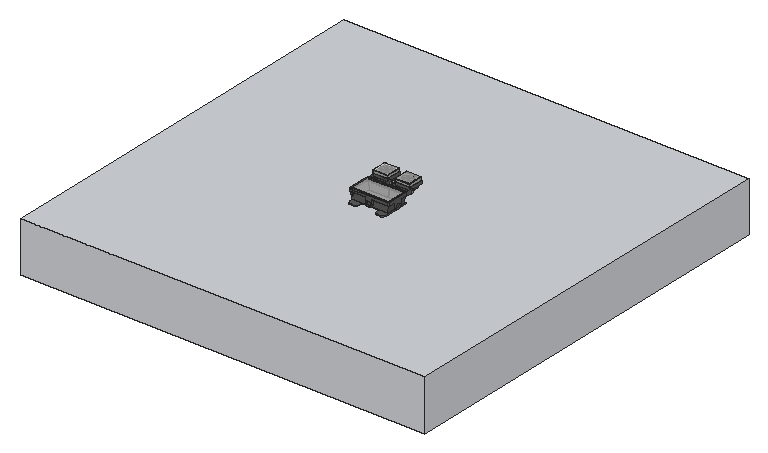
Revit family "Legrand Emergency Lighting_BAP-SPOTLIGHT", category Luminaires, Revit 2021
Family settings
  Hôte = Face
  Cote de connecteur circulaire = Utiliser le diamètre
  Type d'élément = Normal
  Couper avec des vides une fois chargée = Non
  Source d'éclairage = Non
  Partagée = Non
  Repere pour localisation dans la piece = Non
Parameters (values of type "Spotlight Adressable 2500 lm 1H")
  terminal capacity = "1,5-2,5 mm2"
  light source = "LED not exchangeable"
  battery status = "Lithium-ion"
  Width = 240 mm
  Weight = ""
  Useful luminous flux = 2500 lm
  URL = "https://www.legrand.fr/reference/662463/pro"
  System power = 0.9 W
  Switching type = "Non permanent"
  Standby consumption = 0 A
  Spare battery = "2 x 660977"
  Reference = "662463"
  Protection class = "II"
  Product Description = "TWIN LEDS SPOTLIGHT EMERGENCY LIGHTING UNIT NON MAINTAINED 2500LM 1H ADRESSABLE"
  Power supply = "230 VAC"
  Pictogram type = "other"
  Operating temperature MIN-MAX = "0°C +35°C"
  Material = "Plastic"
  Long = 285.5 mm
  Length = 285.5 mm
  Large = 240 mm
  Installation method = "Surface mounting (wall)"
  IP = "65"
  IK = "07"
  Height = 93.5 mm
  General Conditions of Use = "https://export.legrand.com/en/terms-of-use-BIM-objects"
  Function = "Escape and mood lighting"
  Frequency = "50/60 Hz"
  Fabricant = "Legrand"
  Emergency power supply = "Autonomous (individual battery)"
  Elévation par défaut = 2300 mm
  ETIM Class = "EC001957-Emergency luminaire"
  EAN Code = "3414972656085"
  Control system = "Autotest Automatic"
  Connection type = "other"
  Connected Object = no
  Color = "Black"
  Autonomy = "1 H"
  Addressable = yes
  2 phares 2500lm = yes
  2 phares 1500lm = no
  1 phare 1000lm = no
Types (9, lengths in mm): name | Width | Useful luminous flux | URL | System power | Spare battery | Reference | Product Description | Long | Length | Large | EAN Code | Control system | Autonomy | Addressable | 2 phares 2500lm | 2 phares 1500lm | 1 phare 1000lm
  (no name) | 240 | 2500 lm | "https://www.legrand.fr/reference/662463/pro" | 0.9 W | "2 x 660977" | "662463" | "TWIN LEDS SPOTLIGHT EMERGENCY LIGHTING UNIT NON MAINTAINED 2500LM 1H ADRESSABLE" | 285.5 | 285.5 | 240 | "3414972656085" | "Autotest Automatic" | "1 H" | yes | yes | no | no
  Spotlight Autotest 2500 lm 1H | 240 | 2500 lm | "https://www.legrand.fr/reference/660463/pro" | 0.9 W | "2 x 660977" | "660463" | "TWIN LEDS SPOTLIGHT EMERGENCY LIGHTING UNIT NON MAINTAINED 2500LM 1H AUTOTEST" | 285.5 | 285.5 | 240 | "3414972656030" | "Autotest Automatic" | "1 H" | no | yes | no | no
  Spotlight Autotest 1000 lm 1H | 137 | 1000 lm | "https://www.legrand.fr/reference/660460/pro" | 0.7 W | "660976" | "660460" | "SPOTLIGHT EMERGENCY LIGHTING UNIT NON MAINTAINED 1000LM 1H AUTOTEST" | 408.5 | 408.5 | 137 | "3414972656016" | "Autotest Automatic" | "1 H" | no | no | no | yes
  Spotlight Autotest 1500 lm 1H | 240 | 1500 lm | "https://www.legrand.fr/reference/660462/pro" | 0.9 W | "1 x 660977" | "660462" | "TWIN LEDS SPOTLIGHT EMERGENCY LIGHTING UNIT NON MAINTAINED 1500LM 1H AUTOTEST" | 285.5 | 285.5 | 240 | "3414972656023" | "Autotest Automatic" | "1 H" | no | no | yes | no
  Spotlight Autotest 1500 lm 2H | 240 | 1500 lm | "https://www.legrand.fr/reference/660465/pro" | 0.9 W | "2 x 660977" | "660465" | "TWIN LEDS SPOTLIGHT EMERGENCY LIGHTING UNIT NON MAINTAINED 1500LM 2H AUTOTEST" | 285.5 | 285.5 | 240 | "3414972656047" | "Autotest Automatic" | "2 H" | no | no | yes | no
  Spotlight Standard 1000 lm 1H | 137 | 1000 lm | "https://www.legrand.fr/reference/661460/pro" | 0.7 W | "660976" | "661460" | "SPOTLIGHT EMERGENCY LIGHTING UNIT NON MAINTAINED 1000LM 1H STANDARD" | 408.5 | 408.5 | 137 | "3414972656054" | "Control key" | "1 H" | no | no | no | yes
  Spotlight Standard 1500 lm 1H | 240 | 1500 lm | "https://www.legrand.fr/reference/661462/pro" | 0.9 W | "660977" | "661462" | "TWIN LEDS SPOTLIGHT EMERGENCY LIGHTING UNIT NON MAINTAINED 1500LM 1H STANDARD" | 285.5 | 285.5 | 240 | "3414972656061" | "Control key" | "1 H" | no | no | yes | no
  Spotlight Standard 2500 lm 1H | 240 | 2500 lm | "https://www.legrand.fr/reference/661463/pro" | 0.9 W | "2 x 660977" | "661463" | "TWIN LEDS SPOTLIGHT EMERGENCY LIGHTING UNIT NON MAINTAINED 2500LM 1H STANDARD" | 285.5 | 285.5 | 240 | "3414972656078" | "Control key" | "1 H" | no | yes | no | no
  Spotlight Adressable 2500 lm 1H | 240 | 2500 lm | "https://www.legrand.fr/reference/662463/pro" | 0.9 W | "2 x 660977" | "662463" | "TWIN LEDS SPOTLIGHT EMERGENCY LIGHTING UNIT NON MAINTAINED 2500LM 1H ADRESSABLE" | 285.5 | 285.5 | 240 | "3414972656085" | "Autotest Automatic" | "1 H" | yes | yes | no | no
Reference planes
  plane 1 "Centre (avant/arrière)": y = 0
  plane 2 "Connecteur": z = 0
  plane 3 "Centre (gauche/droite)": x = 0
  plane 4: y = 142.75
  plane 5: y = -142.75
  plane 6: x = -120
  plane 7: x = 120
Forms (mm)
  Extrusion 1, solid
    sketch origin (0, 0, 0) x (1, 0, 0) y (0, 1, 0)
      loop
        line (-1219.2, 1219.2) -> (-1219.2, -1219.2) -> (1219.2, -1219.2) -> (1219.2, 1219.2) -> (-1219.2, 1219.2)
    from 0 to -304.8
  Extrusion 2, solid, material "LEGRAND - Plastique noir", visible <- "1 phare 1000lm"
    sketch origin (0, 0, 0) x (1, 0, 0) y (0, 1, 0)
      loop
        line (65.058, 89.327) -> (26.827, 89.327) -> (21.015, 115.516) -> (-21.015, 115.516) -> (-26.82, 89.327) -> (-65.058, 89.327) -> (-65.058, 45.28) -> (-58.5, 38.722) -> (-58.5, -23.048) -> (-51.942, -29.606) -> (-51.942, -89.488) -> (-58.5, -96.045) -> (-58.5, -157.983) -> (-65.058, -164.541) -> (-65.058, -194.25)
        arc (-65.058, -194.25) -> (-62.129, -201.321) -> (-55.058, -204.25) r 10
        line (-55.058, -204.25) -> (55.058, -204.25)
        arc (55.058, -204.25) -> (62.129, -201.321) -> (65.058, -194.25) r 10
        line (65.058, -194.25) -> (65.058, -164.541) -> (58.5, -157.983) -> (58.5, -96.045) -> (51.942, -89.488) -> (51.942, -29.606) -> (58.5, -23.048) -> (58.5, 38.722) -> (65.058, 45.28) -> (65.058, 89.327)
    from 0 to 1.498
  Extrusion 3, solid, material "LEGRAND - Plastique noir", visible <- "1 phare 1000lm"
    sketch origin (0, 0, 0) x (0, 1, 0) y (0, 0, 1)
      loop
        line (-89.488, 1.497) -> (-29.605, 1.497) -> (-29.605, 2.894)
        arc (-29.605, 2.894) -> (-30.777, 5.722) -> (-33.605, 6.894) r 4
        line (-33.605, 6.894) -> (-85.488, 6.894)
        arc (-85.488, 6.894) -> (-88.316, 5.722) -> (-89.488, 2.894) r 4
        line (-89.488, 2.894) -> (-89.488, 1.497)
    from -51.942 to -50.4
  Extrusion 4, solid, material "LEGRAND - Plastique noir", visible <- "1 phare 1000lm"
    sketch origin (0, 0, 0) x (0, 1, 0) y (0, 0, -1)
      loop
        line (-89.488, -1.497) -> (-89.488, -2.894)
        arc (-89.488, -2.894) -> (-88.316, -5.722) -> (-85.488, -6.894) r 4
        line (-85.488, -6.894) -> (-33.605, -6.894)
        arc (-33.605, -6.894) -> (-30.777, -5.722) -> (-29.605, -2.894) r 4
        line (-29.605, -2.894) -> (-29.605, -1.497) -> (-89.488, -1.497)
    from -51.942 to -50.4
  Extrusion 5, solid, material "LEGRAND - Plastique noir", visible <- "1 phare 1000lm"
    sketch origin (0, 0, 0) x (1, 0, 0) y (0, 0, 1)
      loop
        line (-65.058, 56.477) -> (-65.058, 0) -> (-39.058, 0) -> (-39.058, 41.496) -> (39.058, 41.496) -> (39.058, 0) -> (65.058, 0) -> (65.058, 56.477)
        arc (65.058, 56.477) -> (62.129, 63.548) -> (55.058, 66.477) r 10
        line (55.058, 66.477) -> (-55.058, 66.477)
        arc (-55.058, 66.477) -> (-62.129, 63.548) -> (-65.058, 56.477) r 10
    from -89.327 to -87.8
  Extrusion 6, solid, material "LEGRAND - Plastique noir 31", visible <- "2 phares 1500lm"
    sketch origin (0, 0, 0) x (1, 0, 0) y (0, 1, 0)
      loop
        arc (-15.001, 53.249) -> (-21.506, 51.504) -> (-26.265, 46.738) r 13
        line (-26.265, 46.738) -> (-40.948, 21.251) -> (-50.001, 21.251) -> (-50.001, 27.827) -> (-110.002, 27.827) -> (-110.002, -120.787) -> (-104.64, -135.514)
        arc (-104.64, -135.514) -> (-100.612, -140.761) -> (-94.304, -142.75) r 11
        line (-94.304, -142.75) -> (-69.705, -142.75)
        arc (-69.705, -142.75) -> (-63.396, -140.76) -> (-59.368, -135.511) r 11
        line (-59.368, -135.511) -> (-47.811, -103.746) -> (47.803, -103.746) -> (59.361, -135.511)
        arc (59.361, -135.511) -> (63.388, -140.76) -> (69.698, -142.75) r 11
        line (69.698, -142.75) -> (94.294, -142.75)
        arc (94.294, -142.75) -> (100.603, -140.761) -> (104.63, -135.514) r 11
        line (104.63, -135.514) -> (110, -120.766) -> (110, 27.827) -> (49.999, 27.827) -> (49.999, 21.251) -> (40.977, 21.251) -> (26.251, 46.75)
        arc (26.251, 46.75) -> (21.492, 51.508) -> (14.993, 53.249) r 13
        line (14.993, 53.249) -> (-15.001, 53.249)
    from 0 to 1.498
  Extrusion 7, solid, material "LEGRAND - Plastique noir 31", visible <- "2 phares 1500lm"
    sketch origin (0, 0, 0) x (1, 0, 0) y (0, 0, 1)
      loop
        line (19, 1.498) -> (19, 3.894)
        arc (19, 3.894) -> (18.121, 6.015) -> (16, 6.894) r 3
        line (16, 6.894) -> (-16, 6.894)
        arc (-16, 6.894) -> (-18.121, 6.015) -> (-19, 3.894) r 3
        line (-19, 3.894) -> (-19, 1.498) -> (19, 1.498)
    from 102.251 to 103.746
  Extrusion 8, solid, material "LEGRAND - Plastique noir 31", visible <- "2 phares 1500lm"
    sketch origin (0, 0, 0) x (1, 0, 0) y (0, 0, 1)
      loop
        line (19, 1.498) -> (19, 3.894)
        arc (19, 3.894) -> (18.121, 6.015) -> (16, 6.894) r 3
        line (16, 6.894) -> (-16, 6.894)
        arc (-16, 6.894) -> (-18.121, 6.015) -> (-19, 3.894) r 3
        line (-19, 3.894) -> (-19, 1.498) -> (19, 1.498)
    from -6.251 to -4.8
  Extrusion 9, solid, material "LEGRAND - Plastique noir 31", visible <- "2 phares 1500lm"
    sketch origin (0, 0, 0) x (1, 0, 0) y (0, 0, 1)
      loop
        line (-110.002, 1.498) -> (-50.001, 1.498) -> (-50.001, 15.498) -> (-59.49, 60.14)
        arc (-59.49, 60.14) -> (-62.28, 64.694) -> (-67.315, 66.477) r 8
        line (-67.315, 66.477) -> (-92.688, 66.477)
        arc (-92.688, 66.477) -> (-97.723, 64.694) -> (-100.513, 60.14) r 8
        line (-100.513, 60.14) -> (-110.002, 15.498) -> (-110.002, 1.498)
      loop
        line (110.002, 1.498) -> (110.002, 15.498) -> (100.513, 60.14)
        arc (100.513, 60.14) -> (97.723, 64.694) -> (92.688, 66.477) r 8
        line (92.688, 66.477) -> (67.315, 66.477)
        arc (67.315, 66.477) -> (62.28, 64.694) -> (59.49, 60.14) r 8
        line (59.49, 60.14) -> (50.001, 15.498) -> (50.001, 1.498) -> (110.002, 1.498)
    from -27.827 to -26.255
  Extrusion 10, solid, material "LEGRAND - Plastique noir 31", visible <- "2 phares 1500lm", not visible
    sketch origin (0, 0, 0) x (1, 0, 0) y (0, 1, 0)
      loop
        arc (-15.001, 53.249) -> (-21.506, 51.504) -> (-26.265, 46.738) r 13
        line (-26.265, 46.738) -> (-40.948, 21.251) -> (-50.001, 21.251) -> (-50.001, 27.827) -> (-110.002, 27.827) -> (-110.002, -120.787) -> (-104.64, -135.514)
        arc (-104.64, -135.514) -> (-100.612, -140.761) -> (-94.304, -142.75) r 11
        line (-94.304, -142.75) -> (-69.705, -142.75)
        arc (-69.705, -142.75) -> (-63.396, -140.76) -> (-59.368, -135.511) r 11
        line (-59.368, -135.511) -> (-47.811, -103.746) -> (47.803, -103.746) -> (59.361, -135.511)
        arc (59.361, -135.511) -> (63.388, -140.76) -> (69.698, -142.75) r 11
        line (69.698, -142.75) -> (94.294, -142.75)
        arc (94.294, -142.75) -> (100.603, -140.761) -> (104.63, -135.514) r 11
        line (104.63, -135.514) -> (110, -120.766) -> (110, 27.827) -> (49.999, 27.827) -> (49.999, 21.251) -> (40.977, 21.251) -> (26.251, 46.75)
        arc (26.251, 46.75) -> (21.492, 51.508) -> (14.993, 53.249) r 13
        line (14.993, 53.249) -> (-15.001, 53.249)
    from 0 to 1.498
  Extrusion 11, solid, material "LEGRAND - Plastique noir 31", visible <- "2 phares 1500lm", not visible
    sketch origin (0, 0, 0) x (1, 0, 0) y (0, 0, 1)
      loop
        line (19, 1.498) -> (19, 3.894)
        arc (19, 3.894) -> (18.121, 6.015) -> (16, 6.894) r 3
        line (16, 6.894) -> (-16, 6.894)
        arc (-16, 6.894) -> (-18.121, 6.015) -> (-19, 3.894) r 3
        line (-19, 3.894) -> (-19, 1.498) -> (19, 1.498)
    from 102.251 to 103.746
  Extrusion 12, solid, material "LEGRAND - Plastique noir 31", visible <- "2 phares 1500lm", not visible
    sketch origin (0, 0, 0) x (1, 0, 0) y (0, 0, 1)
      loop
        line (19, 1.498) -> (19, 3.894)
        arc (19, 3.894) -> (18.121, 6.015) -> (16, 6.894) r 3
        line (16, 6.894) -> (-16, 6.894)
        arc (-16, 6.894) -> (-18.121, 6.015) -> (-19, 3.894) r 3
        line (-19, 3.894) -> (-19, 1.498) -> (19, 1.498)
    from -6.251 to -4.8
  Extrusion 13, solid, material "LEGRAND - Plastique noir 31", visible <- "2 phares 1500lm", not visible
    sketch origin (0, 0, 0) x (1, 0, 0) y (0, 0, 1)
      loop
        line (-110.002, 1.498) -> (-50.001, 1.498) -> (-50.001, 15.498) -> (-59.49, 60.14)
        arc (-59.49, 60.14) -> (-62.28, 64.694) -> (-67.315, 66.477) r 8
        line (-67.315, 66.477) -> (-92.688, 66.477)
        arc (-92.688, 66.477) -> (-97.723, 64.694) -> (-100.513, 60.14) r 8
        line (-100.513, 60.14) -> (-110.002, 15.498) -> (-110.002, 1.498)
      loop
        line (110.002, 1.498) -> (110.002, 15.498) -> (100.513, 60.14)
        arc (100.513, 60.14) -> (97.723, 64.694) -> (92.688, 66.477) r 8
        line (92.688, 66.477) -> (67.315, 66.477)
        arc (67.315, 66.477) -> (62.28, 64.694) -> (59.49, 60.14) r 8
        line (59.49, 60.14) -> (50.001, 15.498) -> (50.001, 1.498) -> (110.002, 1.498)
    from -27.827 to -26.255
  Extrusion 14, solid, material "LEGRAND - Plastique noir", visible <- "1 phare 1000lm", not visible
    sketch origin (0, 0, 0) x (1, 0, 0) y (0, 1, 0)
      loop
        line (65.058, 89.327) -> (26.827, 89.327) -> (21.015, 115.516) -> (-21.015, 115.516) -> (-26.82, 89.327) -> (-65.058, 89.327) -> (-65.058, 45.28) -> (-58.5, 38.722) -> (-58.5, -23.048) -> (-51.942, -29.606) -> (-51.942, -89.488) -> (-58.5, -96.045) -> (-58.5, -157.983) -> (-65.058, -164.541) -> (-65.058, -194.25)
        arc (-65.058, -194.25) -> (-62.129, -201.321) -> (-55.058, -204.25) r 10
        line (-55.058, -204.25) -> (55.058, -204.25)
        arc (55.058, -204.25) -> (62.129, -201.321) -> (65.058, -194.25) r 10
        line (65.058, -194.25) -> (65.058, -164.541) -> (58.5, -157.983) -> (58.5, -96.045) -> (51.942, -89.488) -> (51.942, -29.606) -> (58.5, -23.048) -> (58.5, 38.722) -> (65.058, 45.28) -> (65.058, 89.327)
    from 0 to 1.498
  Extrusion 15, solid, material "LEGRAND - Plastique noir", visible <- "1 phare 1000lm", not visible
    sketch origin (0, 0, 0) x (0, 1, 0) y (0, 0, 1)
      loop
        line (-89.488, 1.497) -> (-29.605, 1.497) -> (-29.605, 2.894)
        arc (-29.605, 2.894) -> (-30.777, 5.722) -> (-33.605, 6.894) r 4
        line (-33.605, 6.894) -> (-85.488, 6.894)
        arc (-85.488, 6.894) -> (-88.316, 5.722) -> (-89.488, 2.894) r 4
        line (-89.488, 2.894) -> (-89.488, 1.497)
    from -51.942 to -50.4
  Extrusion 16, solid, material "LEGRAND - Plastique noir", visible <- "1 phare 1000lm", not visible
    sketch origin (0, 0, 0) x (0, 1, 0) y (0, 0, -1)
      loop
        line (-89.488, -1.497) -> (-89.488, -2.894)
        arc (-89.488, -2.894) -> (-88.316, -5.722) -> (-85.488, -6.894) r 4
        line (-85.488, -6.894) -> (-33.605, -6.894)
        arc (-33.605, -6.894) -> (-30.777, -5.722) -> (-29.605, -2.894) r 4
        line (-29.605, -2.894) -> (-29.605, -1.497) -> (-89.488, -1.497)
    from -51.942 to -50.4
  Extrusion 17, solid, material "LEGRAND - Plastique noir", visible <- "1 phare 1000lm", not visible
    sketch origin (0, 0, 0) x (1, 0, 0) y (0, 0, 1)
      loop
        line (-65.058, 56.477) -> (-65.058, 0) -> (-39.058, 0) -> (-39.058, 41.496) -> (39.058, 41.496) -> (39.058, 0) -> (65.058, 0) -> (65.058, 56.477)
        arc (65.058, 56.477) -> (62.129, 63.548) -> (55.058, 66.477) r 10
        line (55.058, 66.477) -> (-55.058, 66.477)
        arc (-55.058, 66.477) -> (-62.129, 63.548) -> (-65.058, 56.477) r 10
    from -89.327 to -87.8
  Extrusion 18, solid, material "LEGRAND - Plastique noir 31", visible <- "2 phares 2500lm"
    sketch origin (0, 0, 0) x (1, 0, 0) y (0, 1, 0)
      loop
        arc (-15.001, 53.249) -> (-21.506, 51.504) -> (-26.265, 46.738) r 13
        line (-26.265, 46.738) -> (-40.948, 21.251) -> (-50.001, 21.251) -> (-50.001, 27.827) -> (-110.002, 27.827) -> (-110.002, -120.787) -> (-104.64, -135.514)
        arc (-104.64, -135.514) -> (-100.612, -140.761) -> (-94.304, -142.75) r 11
        line (-94.304, -142.75) -> (-69.705, -142.75)
        arc (-69.705, -142.75) -> (-63.396, -140.76) -> (-59.368, -135.511) r 11
        line (-59.368, -135.511) -> (-47.811, -103.746) -> (47.803, -103.746) -> (59.361, -135.511)
        arc (59.361, -135.511) -> (63.388, -140.76) -> (69.698, -142.75) r 11
        line (69.698, -142.75) -> (94.294, -142.75)
        arc (94.294, -142.75) -> (100.603, -140.761) -> (104.63, -135.514) r 11
        line (104.63, -135.514) -> (110, -120.766) -> (110, 27.827) -> (49.999, 27.827) -> (49.999, 21.251) -> (40.977, 21.251) -> (26.251, 46.75)
        arc (26.251, 46.75) -> (21.492, 51.508) -> (14.993, 53.249) r 13
        line (14.993, 53.249) -> (-15.001, 53.249)
    from 0 to 1.498
Cuts and joins
  joined: Extrusion 2, Extrusion 3, Extrusion 4, Extrusion 5
  joined: Extrusion 7, Extrusion 9
Dimensions and locks
  equal spacing: plane 4, plane 1 "Centre (avant/arrière)", plane 5
  "Long": plane 4 to plane 5
  equal spacing: plane 6, plane 3 "Centre (gauche/droite)", plane 7
  "Large": plane 6 to plane 7
  aligned and locked: plane 2 "Connecteur" to Extrusion 1
  aligned and locked: level to Extrusion 1
Automatic sketch dimensions
  Extrusion 2 sketch curve to Extrusion 2 sketch curve = 6.558 mm  (x14)
  Extrusion 2 sketch curve to Extrusion 2 sketch curve = 5.812 mm
  Extrusion 2 sketch curve to Extrusion 2 sketch curve = 29.709 mm  (x2)
  Extrusion 2 sketch curve to Extrusion 2 sketch curve = 61.938 mm  (x2)
  Extrusion 2 sketch curve to Extrusion 2 sketch curve = 44.048 mm  (x2)
  Extrusion 2 sketch curve to Extrusion 2 sketch curve = 26.189 mm
  Extrusion 3 sketch curve to Extrusion 3 sketch curve = 4 mm  (x2)
  Extrusion 4 sketch curve to Extrusion 4 sketch curve = 4 mm  (x2)
  Extrusion 5 sketch curve to Extrusion 5 sketch curve = 26 mm  (x2)
  Extrusion 5 sketch curve to Extrusion 5 sketch curve = 41.496 mm  (x2)
  Extrusion 5 sketch curve to Extrusion 5 sketch curve = 14.981 mm
  Extrusion 5 sketch curve to Extrusion 5 sketch curve = 10 mm
  Extrusion 2 sketch curve to Extrusion 2 sketch curve = 0 mm
  Extrusion 2 sketch curve to Extrusion 2 sketch curve = 10 mm  (x2)
  Extrusion 2 sketch curve to Extrusion 2 sketch curve = 38.238 mm
  Extrusion 2 sketch curve to Extrusion 2 sketch curve = 5.805 mm
  Extrusion 2 sketch curve to Extrusion 2 sketch curve = 42.03 mm
  Extrusion 2 sketch curve to Extrusion 2 sketch curve = 103.885 mm
  Extrusion 2 sketch curve to Extrusion 2 sketch curve = 3.442 mm
  Extrusion 2 sketch curve to Extrusion 2 sketch curve = 59.882 mm  (x2)
  Extrusion 2 sketch curve to Extrusion 2 sketch curve = 61.77 mm  (x2)
  Extrusion 3 sketch curve to Extrusion 3 sketch curve = 51.883 mm
  Extrusion 3 sketch curve to Extrusion 3 sketch curve = 1.397 mm
  Extrusion 4 sketch curve to Extrusion 4 sketch curve = 51.883 mm
  Extrusion 4 sketch curve to Extrusion 4 sketch curve = 1.397 mm
  Extrusion 5 sketch curve to Extrusion 5 sketch curve = 78.115 mm
  Extrusion 5 sketch curve to Extrusion 5 sketch curve = 16 mm
  Extrusion 1 sketch curve to Extrusion 1 sketch curve = 2438.4 mm  (x2)
  Extrusion 6 sketch curve to Extrusion 6 sketch curve = 24.598 mm
  Extrusion 6 sketch curve to Extrusion 6 sketch curve = 11.558 mm  (x2)
  Extrusion 6 sketch curve to Extrusion 6 sketch curve = 9.053 mm
  Extrusion 6 sketch curve to Extrusion 6 sketch curve = 11.264 mm
  Extrusion 6 sketch curve to Extrusion 6 sketch curve = 11.257 mm
  Extrusion 6 sketch curve to Extrusion 6 sketch curve = 14.726 mm
  Extrusion 6 sketch curve to Extrusion 6 sketch curve = 9.022 mm
  Extrusion 6 sketch curve to Extrusion 6 sketch curve = 10.337 mm  (x2)
  Extrusion 6 sketch curve to Extrusion 6 sketch curve = 24.596 mm
  Extrusion 6 sketch curve to Extrusion 6 sketch curve = 14.727 mm
  Extrusion 6 sketch curve to Extrusion 6 sketch curve = 14.748 mm
  Extrusion 6 sketch curve to Extrusion 6 sketch curve = 6.576 mm  (x2)
  Extrusion 6 sketch curve to Extrusion 6 sketch curve = 18.997 mm
  Extrusion 6 sketch curve to Extrusion 6 sketch curve = 0 mm  (x3)
  Extrusion 6 sketch curve to Extrusion 6 sketch curve = 6.489 mm
  Extrusion 7 sketch curve to Extrusion 7 sketch curve = 3 mm  (x2)
  Extrusion 8 sketch curve to Extrusion 8 sketch curve = 3 mm  (x2)
  Extrusion 6 sketch curve to Extrusion 6 sketch curve = 31.765 mm
  Extrusion 9 sketch curve to Extrusion 9 sketch curve = 7.825 mm  (x4)
  Extrusion 9 sketch curve to Extrusion 9 sketch curve = 9.489 mm  (x4)
  Extrusion 9 sketch curve to Extrusion 9 sketch curve = 25.373 mm  (x2)
  Extrusion 9 sketch curve to Extrusion 9 sketch curve = 14 mm  (x4)
  Extrusion 9 sketch curve to Extrusion 9 sketch curve = 42.979 mm  (x2)
  Extrusion 9 sketch curve to Extrusion 9 sketch curve = 0 mm  (x3)
  Extrusion 9 sketch curve to Extrusion 9 sketch curve = 1.663 mm  (x2)
  Extrusion 6 sketch curve to Extrusion 6 sketch curve = 5.362 mm
  Extrusion 6 sketch curve to Extrusion 6 sketch curve = 10.336 mm  (x2)
  Extrusion 6 sketch curve to Extrusion 6 sketch curve = 60.002 mm
  Extrusion 6 sketch curve to Extrusion 6 sketch curve = 14.683 mm
  Extrusion 6 sketch curve to Extrusion 6 sketch curve = 29.994 mm
  Extrusion 6 sketch curve to Extrusion 6 sketch curve = 95.613 mm
  Extrusion 6 sketch curve to Extrusion 6 sketch curve = 60.001 mm
  Extrusion 6 sketch curve to Extrusion 6 sketch curve = 7.236 mm  (x2)
  Extrusion 6 sketch curve to Extrusion 6 sketch curve = 7.239 mm  (x2)
  Extrusion 6 sketch curve to Extrusion 6 sketch curve = 124.998 mm
  Extrusion 7 sketch curve to Extrusion 7 sketch curve = 32 mm
  Extrusion 7 sketch curve to Extrusion 7 sketch curve = 2.396 mm
  Extrusion 8 sketch curve to Extrusion 8 sketch curve = 32 mm
  Extrusion 8 sketch curve to Extrusion 8 sketch curve = 2.396 mm
  Extrusion 9 sketch curve to Extrusion 9 sketch curve = 100.001 mm
  Extrusion 10 sketch curve to Extrusion 10 sketch curve = 24.598 mm
  Extrusion 10 sketch curve to Extrusion 10 sketch curve = 11.558 mm  (x2)
  Extrusion 10 sketch curve to Extrusion 10 sketch curve = 9.053 mm
  Extrusion 10 sketch curve to Extrusion 10 sketch curve = 11.264 mm
  Extrusion 10 sketch curve to Extrusion 10 sketch curve = 11.257 mm
  Extrusion 10 sketch curve to Extrusion 10 sketch curve = 14.726 mm
  Extrusion 10 sketch curve to Extrusion 10 sketch curve = 9.022 mm
  Extrusion 10 sketch curve to Extrusion 10 sketch curve = 10.337 mm  (x2)
  Extrusion 10 sketch curve to Extrusion 10 sketch curve = 24.596 mm
  Extrusion 10 sketch curve to Extrusion 10 sketch curve = 14.727 mm
  Extrusion 10 sketch curve to Extrusion 10 sketch curve = 14.748 mm
  Extrusion 10 sketch curve to Extrusion 10 sketch curve = 6.576 mm  (x2)
  Extrusion 10 sketch curve to Extrusion 10 sketch curve = 18.997 mm
  Extrusion 10 sketch curve to Extrusion 10 sketch curve = 0 mm  (x3)
  Extrusion 10 sketch curve to Extrusion 10 sketch curve = 6.489 mm
  Extrusion 11 sketch curve to Extrusion 11 sketch curve = 3 mm  (x2)
  Extrusion 12 sketch curve to Extrusion 12 sketch curve = 3 mm  (x2)
  Extrusion 10 sketch curve to Extrusion 10 sketch curve = 31.765 mm
  Extrusion 13 sketch curve to Extrusion 13 sketch curve = 7.825 mm  (x4)
  Extrusion 13 sketch curve to Extrusion 13 sketch curve = 9.489 mm  (x4)
  Extrusion 13 sketch curve to Extrusion 13 sketch curve = 25.373 mm  (x2)
  Extrusion 13 sketch curve to Extrusion 13 sketch curve = 14 mm  (x4)
  Extrusion 13 sketch curve to Extrusion 13 sketch curve = 42.979 mm  (x2)
  Extrusion 13 sketch curve to Extrusion 13 sketch curve = 0 mm  (x3)
  Extrusion 13 sketch curve to Extrusion 13 sketch curve = 1.663 mm  (x2)
  Extrusion 10 sketch curve to Extrusion 10 sketch curve = 5.362 mm
  Extrusion 10 sketch curve to Extrusion 10 sketch curve = 10.336 mm  (x2)
  Extrusion 10 sketch curve to Extrusion 10 sketch curve = 60.002 mm
  Extrusion 10 sketch curve to Extrusion 10 sketch curve = 14.683 mm
  Extrusion 10 sketch curve to Extrusion 10 sketch curve = 29.994 mm
  Extrusion 10 sketch curve to Extrusion 10 sketch curve = 95.613 mm
  Extrusion 10 sketch curve to Extrusion 10 sketch curve = 60.001 mm
  Extrusion 10 sketch curve to Extrusion 10 sketch curve = 7.236 mm  (x2)
  Extrusion 10 sketch curve to Extrusion 10 sketch curve = 7.239 mm  (x2)
  Extrusion 10 sketch curve to Extrusion 10 sketch curve = 124.998 mm
  Extrusion 11 sketch curve to Extrusion 11 sketch curve = 32 mm
  Extrusion 11 sketch curve to Extrusion 11 sketch curve = 2.396 mm
  Extrusion 12 sketch curve to Extrusion 12 sketch curve = 32 mm
  Extrusion 12 sketch curve to Extrusion 12 sketch curve = 2.396 mm
  Extrusion 13 sketch curve to Extrusion 13 sketch curve = 100.001 mm
  Extrusion 14 sketch curve to Extrusion 14 sketch curve = 6.558 mm  (x14)
  Extrusion 14 sketch curve to Extrusion 14 sketch curve = 5.812 mm
  Extrusion 14 sketch curve to Extrusion 14 sketch curve = 29.709 mm  (x2)
  Extrusion 14 sketch curve to Extrusion 14 sketch curve = 61.938 mm  (x2)
  Extrusion 14 sketch curve to Extrusion 14 sketch curve = 44.048 mm  (x2)
  Extrusion 14 sketch curve to Extrusion 14 sketch curve = 26.189 mm
  Extrusion 15 sketch curve to Extrusion 15 sketch curve = 4 mm  (x2)
  Extrusion 16 sketch curve to Extrusion 16 sketch curve = 4 mm  (x2)
  Extrusion 17 sketch curve to Extrusion 17 sketch curve = 26 mm  (x2)
  Extrusion 17 sketch curve to Extrusion 17 sketch curve = 41.496 mm  (x2)
  Extrusion 17 sketch curve to Extrusion 17 sketch curve = 14.981 mm
  Extrusion 17 sketch curve to Extrusion 17 sketch curve = 10 mm
  Extrusion 14 sketch curve to Extrusion 14 sketch curve = 0 mm
  Extrusion 14 sketch curve to Extrusion 14 sketch curve = 10 mm  (x2)
  Extrusion 14 sketch curve to Extrusion 14 sketch curve = 38.238 mm
  Extrusion 14 sketch curve to Extrusion 14 sketch curve = 5.805 mm
  Extrusion 14 sketch curve to Extrusion 14 sketch curve = 42.03 mm
  Extrusion 14 sketch curve to Extrusion 14 sketch curve = 103.885 mm
  Extrusion 14 sketch curve to Extrusion 14 sketch curve = 3.442 mm
  Extrusion 14 sketch curve to Extrusion 14 sketch curve = 59.882 mm  (x2)
  Extrusion 14 sketch curve to Extrusion 14 sketch curve = 61.77 mm  (x2)
  Extrusion 15 sketch curve to Extrusion 15 sketch curve = 51.883 mm
  Extrusion 15 sketch curve to Extrusion 15 sketch curve = 1.397 mm
  Extrusion 16 sketch curve to Extrusion 16 sketch curve = 51.883 mm
  Extrusion 16 sketch curve to Extrusion 16 sketch curve = 1.397 mm
  Extrusion 17 sketch curve to Extrusion 17 sketch curve = 78.115 mm
  Extrusion 17 sketch curve to Extrusion 17 sketch curve = 16 mm
  Extrusion 18 sketch curve to Extrusion 18 sketch curve = 24.598 mm
  Extrusion 18 sketch curve to Extrusion 18 sketch curve = 11.558 mm  (x2)
  Extrusion 18 sketch curve to Extrusion 18 sketch curve = 9.053 mm
  Extrusion 18 sketch curve to Extrusion 18 sketch curve = 11.264 mm
  Extrusion 18 sketch curve to Extrusion 18 sketch curve = 11.257 mm
  Extrusion 18 sketch curve to Extrusion 18 sketch curve = 14.726 mm
  Extrusion 18 sketch curve to Extrusion 18 sketch curve = 9.022 mm
  Extrusion 18 sketch curve to Extrusion 18 sketch curve = 10.337 mm  (x2)
  Extrusion 18 sketch curve to Extrusion 18 sketch curve = 24.596 mm
  Extrusion 18 sketch curve to Extrusion 18 sketch curve = 14.727 mm
  Extrusion 18 sketch curve to Extrusion 18 sketch curve = 14.748 mm
  Extrusion 18 sketch curve to Extrusion 18 sketch curve = 6.576 mm  (x2)
  Extrusion 18 sketch curve to Extrusion 18 sketch curve = 18.997 mm
  Extrusion 18 sketch curve to Extrusion 18 sketch curve = 0 mm  (x3)
  Extrusion 18 sketch curve to Extrusion 18 sketch curve = 6.489 mm
  Extrusion 18 sketch curve to Extrusion 18 sketch curve = 31.765 mm
  Extrusion 18 sketch curve to Extrusion 18 sketch curve = 5.362 mm
  Extrusion 18 sketch curve to Extrusion 18 sketch curve = 10.336 mm  (x2)
  Extrusion 18 sketch curve to Extrusion 18 sketch curve = 60.002 mm
  Extrusion 18 sketch curve to Extrusion 18 sketch curve = 14.683 mm
  Extrusion 18 sketch curve to Extrusion 18 sketch curve = 29.994 mm
  Extrusion 18 sketch curve to Extrusion 18 sketch curve = 95.613 mm
  Extrusion 18 sketch curve to Extrusion 18 sketch curve = 60.001 mm
  Extrusion 18 sketch curve to Extrusion 18 sketch curve = 7.236 mm  (x2)
  Extrusion 18 sketch curve to Extrusion 18 sketch curve = 7.239 mm  (x2)
  Extrusion 18 sketch curve to Extrusion 18 sketch curve = 124.998 mm
  plane 5 to Extrusion 6 sketch curve = 0 mm
  plane 6 to Extrusion 6 sketch curve = 9.998 mm
  level to Extrusion 7 sketch curve = 3.894 mm
  Extrusion 7 sketch curve to plane 3 "Centre (gauche/droite)" = 19 mm
  level to Extrusion 8 sketch curve = 3.894 mm
  Extrusion 8 sketch curve to plane 3 "Centre (gauche/droite)" = 19 mm
  level to Extrusion 9 sketch curve = 1.498 mm
  plane 6 to Extrusion 9 sketch curve = 9.998 mm
  plane 5 to Extrusion 18 sketch curve = 0 mm
  Extrusion 18 sketch curve to plane 7 = 230.002 mm
Nested families
  nested 1: "Phare" at (0, 159.782, 36.3), visible <- "1 phare 1000lm", type "Phare 1000lm"
  nested 2: "Pas de picto" at (0, 0, 52.5) x (-1, 0, 0) z (0, -1, 0), type "Pas de picto"
  nested 3: "Bloc" at (0, -59.77, 6.894), visible <- "1 phare 1000lm", type "Bloc"
  nested 4: "Phare" at (-65.969, 98.282, 36.3), visible <- "2 phares 1500lm", type "Phare 750lm"
  nested 5: "Bloc" at (0, -48.751, 6.894) x (0, 1, 0) z (0, 0, 1), visible <- "2 phares 1500lm", type "Bloc"
  nested 6: "Phare" at (65.969, 98.282, 36.3) x (-1, 0, 0) z (0, 0, 1), visible <- "2 phares 1500lm", type "Phare 750lm"
  nested 7: "Phare" at (-65.969, 98.282, 36.3), visible <- "2 phares 2500lm", type "Phare 1250lm"
  nested 8: "Bloc" at (0, -48.751, 6.894) x (0, 1, 0) z (0, 0, 1), visible <- "2 phares 2500lm", type "Bloc"
  nested 9: "Phare" at (65.969, 98.282, 36.3) x (-1, 0, 0) z (0, 0, 1), visible <- "2 phares 2500lm", type "Phare 1250lm"
Connectors
  electrical at (0, 0, 0)
    settings: index 1, voltage 0 V, apparent load 0 VA, apparent load phase1 0 VA, apparent load phase2 0 VA, apparent load phase3 0 VA, power factor 1, load classification "Autre", number of poles 1, system type 31, power factor state 1, is connector primary yes, connector utility no, sub classification motor no, connector description ""
Definition of nested family "Phare"
  Parameters (values of type "Phare 1250lm")
    URL = ""
    built-in parameter 1150107 = 3200 (stored number, unit not read)
    Wattage = 9.2903 W
    built-in parameter 1150110 = 1 (stored number, unit not read)
    built-in parameter 1150109 = 1 (stored number, unit not read)
    built-in parameter 1114218 = 1 (stored number, unit not read)
    built-in parameter 1150113 = 1 (stored number, unit not read)
    built-in parameter 1150112 = 1 (stored number, unit not read)
    built-in parameter 1150137 = (empty or 0)
    built-in parameter 1150132 = (empty or 0)
    built-in parameter 1150105 = 109.82 (stored number, unit not read)
    built-in parameter 1150102 = (empty or 0)
    IDS_DESIGNATION_PRODUIT = ""
    Dimming Lamp Color Temperature Shift = (empty or 0)
    Lumens = 1380 lm
    Color Filter = 16777215
    Photometric Web File = "Spotlight 1250 Lm_LDT.ies"
    built-in parameter 1114217 = 1 (stored number, unit not read)
    built-in parameter 1150139 = (empty or 0)
    Manufacturer = "LEGRAND"
    Default Elevation = 0 mm
    built-in parameter 1150104 = 13.8 (stored number, unit not read)
    built-in parameter 1150106 = 1.0982 (stored number, unit not read)
    built-in parameter 1150115 = 1 (stored number, unit not read)
    built-in parameter 1150114 = 1 (stored number, unit not read)
    built-in parameter 1150138 = (empty or 0)
    built-in parameter 1150134 = 3
    Tilt Angle = -90.00°
    built-in parameter 1150133 = 10 (stored number, unit not read)
  Types (3, lengths in mm): name | Photometric Web File
    Phare 750lm | "Spotlight 750 Lm_LDT.ies"
    Phare 1000lm | "Spotlight 1000 Lm_LDT.ies"
    Phare 1250lm | "Spotlight 1250 Lm_LDT.ies"
  Reference planes
    plane 1 "Centre (avant/arrière)": y = 0
    plane 2: z = 0
    plane 3 "Centre (gauche/droite)": x = 0
    plane 4: z = 57.16
    plane 5: z = 37.672
    plane 6: z = 22.181
    plane 7: x = -44.472
    plane 8: x = 44.466
    plane 9: y = 44.468
    plane 10: y = -44.468
    plane 11: z = 55.16
    plane 12: x = 31.366
    plane 13: x = -31.366
    plane 14: y = -70.455
    plane 15: x = -59.962
    plane 16: x = 53.963
  Forms (mm)
    Extrusion 1, solid
      sketch origin (0, 0, 0) x (1, 0, 0) y (0, 1, 0)
        loop
          line (-44.472, 44.468) -> (-44.472, -44.468) -> (44.466, -44.468) -> (44.466, 44.468) -> (-44.472, 44.468)
      from 22.181 to 37.672
    Extrusion 2, solid
      sketch origin (0, 0, 0) x (1, 0, 0) y (0, 1, 0)
        loop
          line (-44.472, 44.468) -> (-44.472, -44.468) -> (44.466, -44.468) -> (44.466, 44.468) -> (-44.472, 44.468)
      from 55.16 to 57.16
    Extrusion 3, solid
      sketch origin (0, 0, 0) x (1, 0, 0) y (0, 1, 0)
        loop
          line (-37.472, 37.468) -> (-37.472, -37.468) -> (37.466, -37.468) -> (37.466, 37.468) -> (-37.472, 37.468)
      from 37.672 to 52.166
    Extrusion 4, solid
      sketch origin (0, 0, 0) x (1, 0, 0) y (0, 1, 0)
        loop
          line (-44.472, 44.468) -> (-44.472, -44.468) -> (44.466, -44.468) -> (44.466, 44.468) -> (-44.472, 44.468)
        loop
          line (42.466, 42.468) -> (-42.472, 42.468) -> (-42.472, -42.468) -> (42.466, -42.468) -> (42.466, 42.468)
      from 37.672 to 55.16
    Extrusion 5, solid
      sketch origin (0, 0, 0) x (1, 0, 0) y (0, 1, 0)
        loop
          circle (0, 22.622) r 13
        loop
          circle (-22.625, -0.003) r 13
        loop
          circle (0, -22.622) r 13
        loop
          circle (22.625, -0.003) r 13
      from 52.166 to 52.5
    Extrusion 6, solid
      sketch origin (0, 3.2, 0) x (0, 1, 0) y (0, 0, 1)
        loop
          line (-33.528, 22.181) -> (-33.528, 0) -> (31.371, 0) -> (31.371, 22.181) -> (-33.528, 22.181)
      from -31.366 to 31.224
    Extrusion 7, solid
      sketch origin (0, 0, 0) x (0, -1, 0) y (0, 0, -1)
        loop
          line (35.977, -30.177) -> (70.455, -30.177) -> (70.455, -5.196) -> (35.977, -5.196)
          arc (35.977, -5.196) -> (23.487, -17.687) -> (35.977, -30.177) r 12.49
      from 48.463 to 49.965
    Extrusion 8, solid
      sketch origin (0, 0, 0) x (0, -1, 0) y (0, 0, 1)
        loop
          arc (35.977, 30.177) -> (23.487, 17.687) -> (35.977, 5.196) r 12.49
          line (35.977, 5.196) -> (70.455, 5.196) -> (70.455, 30.177) -> (35.977, 30.177)
      from 48.463 to 49.965
    Extrusion 9, solid
      sketch origin (0, 1.495, 0) x (0, 1, 0) y (0, 0, 1)
        loop
          line (-70.455, 30.177) -> (-71.949, 30.177) -> (-71.949, 5.235) -> (-70.455, 5.235) -> (-70.455, 30.177)
      from -49.965 to 49.965
    Extrusion 10, solid
      sketch origin (0, 0, 0) x (0, 1, 0) y (0, 0, 1)
        loop
          line (-41.053, 17.683) -> (-41.053, 14.626) -> (-35.977, 11.896) -> (-30.901, 14.626) -> (-30.901, 17.683) -> (-30.901, 20.74) -> (-35.977, 23.471) -> (-41.053, 20.74) -> (-41.053, 17.683)
      from 44.254 to 53.963
    Extrusion 11, solid
      sketch origin (0, 0, 0) x (0, 1, 0) y (0, 0, -1)
        loop
          line (-41.053, -17.683) -> (-41.053, -20.74) -> (-35.977, -23.471) -> (-30.901, -20.74) -> (-30.901, -17.683) -> (-30.901, -14.626) -> (-35.977, -11.896) -> (-41.053, -14.626) -> (-41.053, -17.683)
      from 44.254 to 53.963
    Extrusion 12, solid
      sketch origin (0, 0, 0) x (1, 0, 0) y (0, 1, 0)
        loop
          line (-48.463, -42.468) -> (-48.463, -44.468) -> (48.463, -44.468) -> (48.463, -42.468) -> (-48.463, -42.468)
      from 22.181 to 37.672
  Cuts and joins
    joined: Extrusion 7, Extrusion 8, Extrusion 9
    joined: Extrusion 1, Extrusion 12
  Dimensions and locks
    plane 10 to plane 1 "Centre (avant/arrière)" to plane 9 = 44.468 mm, 44.468 mm
    plane 7 to plane 3 "Centre (gauche/droite)" to plane 8 = 44.472 mm, 44.466 mm
    aligned and locked: level to plane 2
Definition of nested family "Bloc"
  Parameters (values of type "Bloc")
    URL = "IDS_URL_EXPORT"
    IDS_TYPE_ACCESSOIRE = "IDS_BOITIER_PROTECTION"
    IDS_DESIGNATION_PRODUIT = "IDS_ACCESSOIRE_COFFRET_ETANCHE_IP65_POUR_BAES_U22RECT"
    Manufacturer = "LEGRAND"
    Default Elevation = 0 mm
  Reference planes
    plane 1 "Centre (avant/arrière)": y = 0
    plane 2: z = 0
    plane 3 "Centre (gauche/droite)": x = 0
  Forms (mm)
    Sweep 1, solid
      path origin (0, 0, 0) x (0, -1, 0) y (1, 0, 0)
        loop
          line (-112.868, 68.5) -> (-120, 61.368) -> (-120, -61.368) -> (-112.868, -68.5) -> (112.876, -68.5) -> (120, -61.376) -> (120, 61.376) -> (112.876, 68.5) -> (-112.868, 68.5)
      profile origin (68.5, -0.004, 0) x (1, 0, 0) y (0, 0, 1)
        loop
          line (-2, 60) -> (-2, 47.304) -> (-7.625, 47.304) -> (-7.625, 45.304) -> (0, 45.304) -> (0, 60) -> (-2, 60)
    Extrusion 2, solid
      sketch origin (0, 0, 0) x (0, -1, 0) y (1, 0, 0)
        loop
          line (-105.941, 59.5) -> (-108.342, 61.9)
          arc (-108.342, 61.9) -> (-112.24, 62.676) -> (-114.448, 59.371) r 3.577
          arc (-114.448, 59.371) -> (-114.176, 58.002) -> (-113.4, 56.842) r 3.577
          line (-113.4, 56.842) -> (-111, 54.441) -> (-111, -54.441) -> (-113.4, -56.842)
          arc (-113.4, -56.842) -> (-114.176, -58.002) -> (-114.448, -59.371) r 3.577
          arc (-114.448, -59.371) -> (-112.24, -62.676) -> (-108.342, -61.9) r 3.577
          line (-108.342, -61.9) -> (-105.941, -59.5) -> (105.941, -59.5) -> (108.342, -61.9)
          arc (108.342, -61.9) -> (112.24, -62.676) -> (114.448, -59.371) r 3.577
          arc (114.448, -59.371) -> (114.176, -58.002) -> (113.4, -56.842) r 3.577
          line (113.4, -56.842) -> (111, -54.441) -> (111, 54.441) -> (113.484, 56.925)
          arc (113.484, 56.925) -> (114.195, 58.053) -> (114.443, 59.363) r 3.577
          arc (114.443, 59.363) -> (112.235, 62.668) -> (108.335, 61.894) r 3.577
          line (108.335, 61.894) -> (105.941, 59.5) -> (-105.941, 59.5)
      from 54.647 to 60
    Extrusion 3, solid
      sketch origin (0.178, -0.178, 0) x (0, -1, 0) y (1, 0, 0)
        loop
          circle (-111.049, 59.193) r 2.577
      from 47.304 to 60.2
    Extrusion 4, solid
      sketch origin (0.17, 0.182, 0) x (0, 1, 0) y (-1, 0, 0)
        loop
          circle (-111.049, -59.193) r 2.577
      from 47.304 to 60.2
    Extrusion 5, solid
      sketch origin (-0.178, 0.178, 0) x (0, 1, 0) y (-1, 0, 0)
        loop
          circle (-111.049, 59.193) r 2.577
      from 47.304 to 60.2
    Extrusion 6, solid
      sketch origin (-0.178, -0.178, 0) x (0, -1, 0) y (1, 0, 0)
        loop
          circle (-111.049, -59.193) r 2.577
      from 47.304 to 60.2
    Extrusion 7, solid
      sketch origin (0, 0, 0) x (1, 0, 0) y (0, 0, 1)
        loop
          line (20, 20) -> (20, 45.304) -> (-20, 45.304) -> (-20, 20)
          arc (-20, 20) -> (0, 0) -> (20, 20) r 20
      from 107.725 to 120
    Extrusion 8, solid
      sketch origin (0, 0, 0) x (0, -1, 0) y (0, 0, 1)
        loop
          line (117.15, 47.304) -> (-117.15, 47.304) -> (-107.981, 0) -> (107.981, 0) -> (117.15, 47.304)
      from -60.875 to 60.875
    Extrusion 9, void
      sketch origin (0, 0, 0) x (0, -1, 0) y (0, 0, 1)
        loop
          line (-98.963, 2) -> (98.963, 2) -> (108, 50.429) -> (-108, 50.429) -> (-98.963, 2)
      from -58.5 to 58.5
    Extrusion 10, solid
      sketch origin (0, 0, 0) x (1, 0, 0) y (0, 0, -1)
        loop
          arc (20, -20) -> (0, 0) -> (-20, -20) r 20
          line (-20, -20) -> (-20, -45.304) -> (20, -45.304) -> (20, -20)
      from 107.725 to 120
    Extrusion 11, void
      sketch origin (0, 0, 0) x (1, 0, 0) y (0, 0, 1)
        loop
          circle (0, 20) r 13
      from 118 to 122.328
    Extrusion 12, void
      sketch origin (0, 0, 0) x (1, 0, 0) y (0, 0, -1)
        loop
          circle (0, -20) r 13
      from 118 to 122.328
    Extrusion 13, solid
      sketch origin (0, 0, 0) x (0, -1, 0) y (0, 0, 1)
        loop
          arc (-20, 20) -> (0, 0) -> (20, 20) r 20
          line (20, 20) -> (20, 45.304) -> (-20, 45.304) -> (-20, 20)
      from 60.875 to 68.5
    Extrusion 14, void
      sketch origin (0, 0, 0) x (0, -1, 0) y (0, 0, 1)
        loop
          circle (0, 20) r 13
      from 66.5 to 70.125
    Extrusion 15, solid
      sketch origin (0, 0, 0) x (0, -1, 0) y (0, 0, -1)
        loop
          line (-20, -20) -> (-20, -45.304) -> (20, -45.304) -> (20, -20)
          arc (20, -20) -> (0, 0) -> (-20, -20) r 20
      from 60.875 to 68.5
    Extrusion 16, void
      sketch origin (0, 0, 0) x (0, -1, 0) y (0, 0, -1)
        loop
          circle (0, -20) r 13
      from 66.5 to 70.125
  Cuts and joins
    Extrusion 12, Extrusion 16 cuts Sweep 1
    Extrusion 11, Extrusion 12, Extrusion 16 cuts Extrusion 7
    Extrusion 9, Extrusion 12, Extrusion 16 cuts Extrusion 8
    Extrusion 12, Extrusion 16 cuts Extrusion 10
    Extrusion 14, Extrusion 16 cuts Extrusion 13
    Extrusion 16 cuts Extrusion 15
    joined: Sweep 1, Extrusion 7, Extrusion 8, Extrusion 10, Extrusion 13, Extrusion 15
  Dimensions and locks
    cut or joined group 1 (Sweep 1, Extrusion 7, Extrusion 8, Extrusion 9, Extrusion 10, Extrusion 11, Extrusion 12, Extrusion 13, Extrusion 14, Extrusion 15, Extrusion 16) to cut or joined group 1 = 238 mm
    aligned and locked: level to plane 2
Definition of nested family "Pas de picto"
  Reference planes
    plane 1 "Centre (avant/arrière)": y = 0
    plane 2: z = 0
    plane 3 "Centre (gauche/droite)": x = 0
  Lines and regions (mm)
    Filled region 1, type "NOIR", in view "Niveau de réf."
      outline origin (0, 0, 0) x (1, 0, 0) y (0, 1, 0)
        loop
          line (103, 52.5) -> (-103, 52.5) -> (-103, -52.5) -> (103, -52.5) -> (103, 52.5)
        loop
          line (98, 47.5) -> (-98, 47.5) -> (-98, -47.5) -> (98, -47.5) -> (98, 47.5)
    model lines, in view "Niveau de réf."
      curve 1: line (103, -52.5, 0) -> (103, 52.5, 0)
      curve 2: line (103, 52.5, 0) -> (-103, 52.5, 0)
      curve 3: line (-103, 52.5, 0) -> (-103, -52.5, 0)
      curve 4: line (-103, -52.5, 0) -> (103, -52.5, 0)
    detail lines, in view "Niveau de réf."
      curve 5: line (98, 47.5, 0) -> (-98, 47.5, 0)
      curve 6: line (-98, 47.5, 0) -> (-98, -47.5, 0)
      curve 7: line (-98, -47.5, 0) -> (98, -47.5, 0)
      curve 8: line (98, -47.5, 0) -> (98, 47.5, 0)
